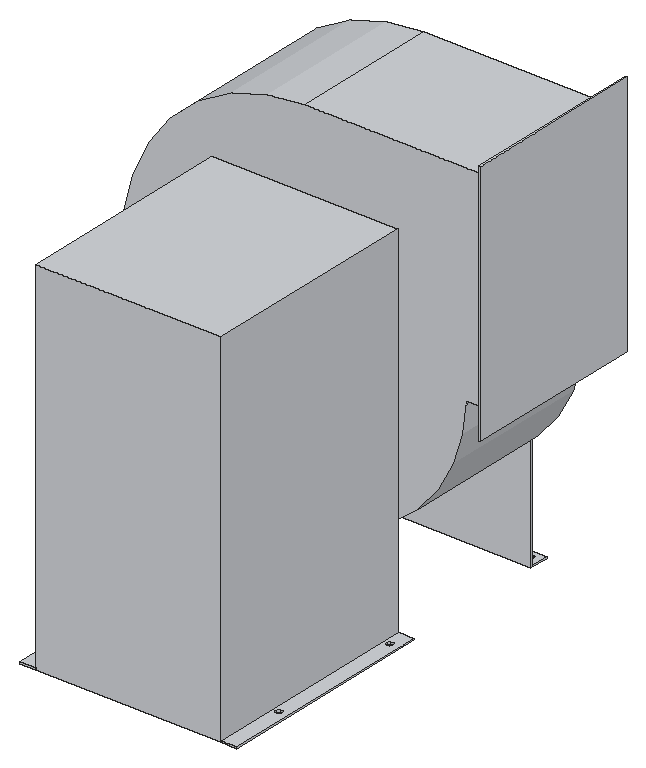
Revit family "CPS", category Mechanical Equipment, Revit 2019
Family settings
  Round Connector Dimension = Use Radius
  Part Type = Normal
  Work Plane-Based = No
  Always vertical = Yes
  Cut with Voids When Loaded = No
  Shared = No
  Room Calculation Point = No
Parameters (values of type "165-CPS_CLASS_1")
  Z = 7 3/16"
  Y = 8 5/8"
  X = 21 1/4"
  W+M = W + M  # 19 1/8"
  W+1.5+K+L = W + 1 1/2" + K + L  # 32 13/16"
  W+1.5 = W + 1 1/2"  # 5 1/2"
  W = 4"
  V = 8"
  Unit Weight [instance] = ""
  UNCHECK = not(CHECK)  # no
  UBD_CW [instance] = if(CW, (if(UBD, CHECK, UNCHECK)), UNCHECK)  # no
  UBD_CCW [instance] = if(CCW, (if(UBD, CHECK, UNCHECK)), UNCHECK)  # no
  UBD [instance] = no
  U-.125 = U - 1/8"  # 1 1/2"
  U = 1 5/8"
  THD_CW [instance] = if(CW, (if(THD, CHECK, UNCHECK)), UNCHECK)  # yes
  THD_CCW [instance] = if(CCW, (if(THD, CHECK, UNCHECK)), UNCHECK)  # no
  THD [instance] = yes
  TAU_CW [instance] = if(CW, (if(TAU, CHECK, UNCHECK)), UNCHECK)  # no
  TAU_CCW [instance] = if(CCW, (if(TAU, CHECK, UNCHECK)), UNCHECK)  # no
  TAU [instance] = no
  TAD_CW [instance] = if(CW, (if(TAD, CHECK, UNCHECK)), UNCHECK)  # no
  TAD_CCW [instance] = if(CCW, (if(TAD, CHECK, UNCHECK)), UNCHECK)  # no
  TAD [instance] = no
  T = 3/4"
  Stack Ht = 120" - (F + D)  # 83 3/16"
  Stack Extension CW [instance] = if(Stack Ht < 40", UNCHECK, if(and(CW, Stack Extension), CHECK, UNCHECK))  # no
  Stack Extension CCW [instance] = if(Stack Ht < 40", UNCHECK, if(and(CCW, Stack Extension), CHECK, UNCHECK))  # no
  Stack Extension [instance] = no
  Sones [instance] = ""
  S/2 = S / 2  # 9/32"
  S = 9/16"
  R = 1"
  Q = 3"
  P-U = P - U  # 38 1/4"
  P-D = P - D  # 19 7/16"
  P = 39 7/8"
  N = 14 7/16"
  Motor RPM [instance] = ""
  Motor Enclosure [instance] = ""
  ModelID [instance] = ""
  M = 15 1/8"
  LwA [instance] = ""
  L = 15 5/16"
  K = 12"
  J = 15 13/16"
  H = 31 7/16"
  G-V = G - V  # 1 3/8"
  G = 9 3/8"
  Fan RPM [instance] = ""
  F-.125 = F - 1/8"  # 16 1/4"
  F = 16 3/8"
  E-F = E - F  # 15 11/16"
  E = 32 1/16"
  DBD_CW [instance] = if(CW, (if(DBD, CHECK, UNCHECK)), UNCHECK)  # no
  DBD_CCW [instance] = if(CCW, (if(DBD, CHECK, UNCHECK)), UNCHECK)  # no
  DBD [instance] = no
  D = 20 7/16"
  CW [instance] = yes
  CLASS = 1"
  CHECK = yes
  CCW [instance] = not(CW)  # no
  C/8*7 = C / 8 * 2.5  # 6 159/256"
  C/8 = C / 6  # 3 17/32"
  C/2 = C / 2  # 10 19/32"
  C = 21 3/16"
  Brake Hp [instance] = ""
  BHD_CW [instance] = if(CW, (if(BHD, CHECK, UNCHECK)), UNCHECK)  # no
  BHD_CCW [instance] = if(CCW, (if(BHD, CHECK, UNCHECK)), UNCHECK)  # no
  BHD [instance] = no
  BAU_CW [instance] = if(CW, (if(BAU, CHECK, UNCHECK)), UNCHECK)  # no
  BAU_CCW [instance] = if(CCW, (if(BAU, CHECK, UNCHECK)), UNCHECK)  # no
  BAU [instance] = no
  BAD_CW [instance] = if(CW, (if(BAD, CHECK, UNCHECK)), UNCHECK)  # no
  BAD_CCW [instance] = if(CCW, (if(BAD, CHECK, UNCHECK)), UNCHECK)  # no
  BAD [instance] = no
  B = 18 1/16"
  Accessories [instance] = ""
  A+.25 = A + 1/4"  # 12 7/8"
  A = 12 5/8"
  CUT = 2"
  TB = 3"  # constant formula
  TA = 20"  # constant formula
  0 = 0"  # constant formula
  Voltage [instance] = 0 V
  URL = "www.lorencook.com"
  Type Comments = if(CLASS = 1", "Steel Flat Blade Centrifugal Blower Arrangement 10 Class 1", "Steel Flat Blade Centrifugal Blower Arrangement 10 Class 2")  # "Steel Flat Blade Centrifugal Blower Arrangement 10 Class 1"
  Static Pressure [instance] = 0.00 in-wg
  Power [instance] = Voltage * Motor FLA * sqrt(if(Phase = 3, 3, 1))  # 0 VA
  Phase [instance] = 0
  Number of Poles [instance] = 1
  Motor Hp [instance] = "0"
  Motor FLA [instance] = 0 A
  Model = if(CLASS = 1", "CPS_CLASS_1", "CPS_CLASS_2")  # "CPS_CLASS_1"
  Manufacturer = "Loren Cook Company"
  CFM [instance] = 0 CFM
  1.5 = 1 1/2"  # constant formula
  ONE EIGHTH = 1/8"  # constant formula
  -1.5 = -1 1/2"  # constant formula
  -.125 = -1/8"  # constant formula
  -(A+.25) = -(A + 1/4")  # -12 7/8"
  (C/2)-1.5 = (C / 2) - 1 1/2"  # 9 3/32"
  (C/2)-.25 = (C / 2) - 1/4"  # 10 11/32"
Reference planes (in)
  plane 1 "Center (Front/Back)": y = 0
  plane 2: z = 0
  plane 3 "Center (Left/Right)": x = 20.21007
  plane 4: z = 20.4375
  plane 5: z = 36.8125
  plane 6 "Stack Extension Bottom Flange": z = 36.9375
  plane 7 "Stack Extension Top Flange": z = 119.875
  plane 8 "Stack Extension Top": z = 120
  plane 9: x = 0.77257
  plane 10: x = 39.64757
Forms (in)
  Extrusion 1, solid
    sketch origin (0, 0, 0) x (1, 0, 0) y (0, 1, 0)
      loop
        line (12.21007, 0) -> (12.21007, -19.125) -> (28.21007, -19.125) -> (28.21007, 0) -> (12.21007, 0)
    from 0 to 31.4375 <- "H"
  Extrusion 2, solid
    sketch origin (0, 0, 0) x (1, 0, 0) y (0, 1, 0)
      loop
        line (12.21007, 0) -> (10.83507, 0) -> (10.83507, -19.125) -> (12.21007, -19.125) -> (12.21007, 0)
      loop
        line (28.21007, 0) -> (28.21007, -19.125) -> (29.58507, -19.125) -> (29.58507, 0) -> (28.21007, 0)
    from 0 to 0.125 <- "ONE EIGHTH"
  Extrusion 3, solid
    sketch origin (0, 0, 0) x (1, 0, 0) y (0, 1, 0)
      loop
        line (10.83507, 14.4375) -> (10.83507, 12.875) -> (29.58507, 12.875) -> (29.58507, 14.4375) -> (10.83507, 14.4375)
    from 0 to 0.125 <- "ONE EIGHTH"
  Extrusion 4, solid
    sketch origin (29.58507, 12.875, 0) x (-1, 0, 0) y (0, 0, -1)
      loop
        line (18.75, 0) -> (0, 0) -> (0, -20.4375) -> (18.75, -20.4375) -> (18.75, 0)
    from 0 to 0.125 <- "ONE EIGHTH"
  Extrusion 5, void
    sketch origin (29.58507, 12.875, 0) x (1, 0, 0) y (0, 0, -1)
      loop
        circle (-9.375, -20.4375) r 10.59375
    from -0.125 <- "-.125" to 0 <- "0"
  Extrusion 6, void
    sketch origin (0, 0, 0) x (1, 0, 0) y (0, 1, 0)
      loop
        circle (28.83507, -1.625) r 0.28125
      loop
        circle (28.83507, -13.625) r 0.28125
      loop
        circle (11.58507, -13.625) r 0.28125
      loop
        circle (11.58507, -1.625) r 0.28125
    from -12 to 12
  Extrusion 7, void
    sketch origin (0, 0, 0) x (1, 0, 0) y (0, 1, 0)
      loop
        circle (28.83507, 13.6875) r 0.28125
      loop
        circle (11.58507, 13.6875) r 0.28125
    from -0.125 <- "-.125" to 0.125 <- "ONE EIGHTH"
  Extrusion 8, solid
    sketch origin (29.58507, 12.75, 0) x (-1, 0, 0) y (0, 0, -1)
      loop
        circle (9.375, -20.4375) r 10.59375
      loop
        circle (9.375, -20.4375) r 10.34375
    from 0 to -1.5 <- "-1.5"
  Extrusion 9, solid, visible <- "Stack Extension CW"
    sketch origin (0, -13.10201, 36.9375) x (-1, 0, 0) y (0, -1, 0)
      loop
        line (-0.77257, -27.41451) -> (-0.77257, -11.60201) -> (-22.02257, -11.60201) -> (-22.02257, -27.41451) -> (-0.77257, -27.41451)
    from 0 to -0.125
  Extrusion 10, solid, visible <- "Stack Extension CW"
    sketch origin (0, 0, 120) x (-1, 0, 0) y (0, -1, 0)
      loop
        line (-22.02257, -14.3125) -> (-0.77257, -14.3125) -> (-0.77257, 1.5) -> (-22.02257, 1.5) -> (-22.02257, -14.3125)
    from 0 to -0.125
  Extrusion 11, solid, visible <- "Stack Extension CW"
    sketch origin (0, 0, 36.9375) x (-1, 0, 0) y (0, -1, 0)
      loop
        line (-2.39757, -0.125) -> (-20.46007, -0.125) -> (-20.46007, -12.75) -> (-2.39757, -12.75) -> (-2.39757, -0.125)
    from 82.9375 to 0
  Extrusion 12, solid, visible <- "Stack Extension CCW"
    sketch origin (0, 0, 36.9375) x (-1, 0, 0) y (0, -1, 0)
      loop
        line (-18.39757, -14.3125) -> (-18.39757, 1.5) -> (-39.64757, 1.5) -> (-39.64757, -14.3125) -> (-18.39757, -14.3125)
    from 0 to -0.125
  Extrusion 13, solid, visible <- "Stack Extension CCW"
    sketch origin (0, 0, 120) x (-1, 0, 0) y (0, -1, 0)
      loop
        line (-18.39757, -14.3125) -> (-18.39757, 1.5) -> (-39.64757, 1.5) -> (-39.64757, -14.3125) -> (-18.39757, -14.3125)
    from 0 to -0.125
  Extrusion 14, solid, visible <- "Stack Extension CCW"
    sketch origin (0, 0, 36.9375) x (-1, 0, 0) y (0, -1, 0)
      loop
        line (-19.96007, -12.75) -> (-19.96007, -0.125) -> (-38.02257, -0.125) -> (-38.02257, -12.75) -> (-19.96007, -12.75)
    from 82.9375 to 0
Cuts and joins
  Extrusion 5, Extrusion 7 cuts Extrusion 4
  Extrusion 6 cuts Extrusion 1
  Extrusion 6 cuts Extrusion 2
  Extrusion 7 cuts Extrusion 3
Lines and regions (in)
  reference lines, not visible
    curve 1: line (20.21007, 57, 20.4375) -> (20.21007, -58, 20.4375)
Dimensions and locks (in)
  "0": Extrusion 1 sketch curve to plane 1 "Center (Front/Back)"
  "W+M": plane 1 "Center (Front/Back)" to Extrusion 1 sketch curve
  "V": plane 3 "Center (Left/Right)" to Extrusion 1 sketch curve
  "V": Extrusion 1 sketch curve to plane 3 "Center (Left/Right)"
  "0": Extrusion 2 sketch curve to plane 1 "Center (Front/Back)"  (x2)
  "0": Extrusion 1 to Extrusion 2 sketch curve  (x2)
  "0": Extrusion 2 sketch curve to Extrusion 1  (x2)
  "G-V": Extrusion 2 sketch curve to Extrusion 2 sketch curve  (x2)
  "N": plane 1 "Center (Front/Back)" to Extrusion 3 sketch curve
  "A+.25": Extrusion 3 sketch curve to plane 1 "Center (Front/Back)"
  "0": Extrusion 2 to Extrusion 3 sketch curve  (x2)
  "0": Extrusion 1 to Extrusion 4 sketch curve
  "D": Extrusion 4 sketch curve to Extrusion 4 sketch curve
  "0": Extrusion 4 sketch curve to Extrusion 2  (x2)
  "D": Extrusion 1 to Extrusion 5 sketch curve
  "V": Extrusion 1 to Extrusion 5 sketch curve
  "Y": plane 3 "Center (Left/Right)" to Extrusion 6 sketch curve  (x2)
  "Y": Extrusion 6 sketch curve to plane 3 "Center (Left/Right)"  (x2)
  "W+1.5": Extrusion 1 to Extrusion 6 sketch curve  (x2)
  "K": Extrusion 6 sketch curve to Extrusion 6 sketch curve  (x2)
  "W+1.5+K+L": cut or joined group of Extrusion 1, Extrusion 6 to Extrusion 7 sketch curve  (x2)
  "V": cut or joined group of Extrusion 1, Extrusion 6 to Extrusion 8 sketch curve  (x2)
  "D": Extrusion 8 sketch curve to cut or joined group of Extrusion 1, Extrusion 6  (x2)
  "T": Extrusion 7 sketch curve to cut or joined group of Extrusion 3, Extrusion 7
  "T": cut or joined group of Extrusion 3, Extrusion 7 to Extrusion 7 sketch curve
  "D": plane 4 to level
  "ONE EIGHTH": plane 6 "Stack Extension Bottom Flange" to plane 5
  "ONE EIGHTH": plane 8 "Stack Extension Top" to plane 7 "Stack Extension Top Flange"
  "Stack Ht": plane 8 "Stack Extension Top" to plane 5
  "X": Extrusion 9 sketch curve to Extrusion 9 sketch curve
  "J": Extrusion 9 sketch curve to Extrusion 9 sketch curve
  "B": Extrusion 11 sketch curve to Extrusion 11 sketch curve
  "A": Extrusion 11 sketch curve to Extrusion 11 sketch curve
  "ONE EIGHTH": plane 1 "Center (Front/Back)" to Extrusion 11 sketch curve
  equal spacing: plane 10, plane 3 "Center (Left/Right)", plane 9
  "P-D": plane 3 "Center (Left/Right)" to plane 9
  "U": plane 9 to Extrusion 11 sketch curve
  "U-.125": Extrusion 10 to plane 1 "Center (Front/Back)"
  plane 8 "Stack Extension Top" to level = 120"
  "J": Extrusion 12 sketch curve to Extrusion 12 sketch curve
  "X": Extrusion 12 sketch curve to Extrusion 12 sketch curve
  "U-.125": plane 1 "Center (Front/Back)" to Extrusion 12 sketch curve
  "J": Extrusion 13 sketch curve to Extrusion 13 sketch curve
  "X": Extrusion 13 sketch curve to Extrusion 13 sketch curve
  "U-.125": plane 1 "Center (Front/Back)" to Extrusion 13 sketch curve
  "B": Extrusion 14 sketch curve to Extrusion 14 sketch curve
  "A": Extrusion 14 sketch curve to Extrusion 14 sketch curve
  "ONE EIGHTH": plane 1 "Center (Front/Back)" to Extrusion 14 sketch curve
  "U": Extrusion 14 sketch curve to plane 10
  "C/2": radius of Extrusion 5 sketch curve
  "S/2": radius of Extrusion 6 sketch curve  (x4)
  "S/2": radius of Extrusion 7 sketch curve  (x2)
  "C/2": radius of Extrusion 8 sketch curve
  "(C/2)-.25": radius of Extrusion 8 sketch curve
  aligned and locked: plane 1 "Center (Front/Back)" to nested 1
  aligned and locked: curve 1 to plane 4
  aligned and locked: plane 3 "Center (Left/Right)" to nested 8
  aligned and locked: nested 8 to plane 4
  aligned and locked: plane 3 "Center (Left/Right)" to nested 3
  aligned and locked: nested 3 to nested 8
  aligned and locked: nested 8 to nested 7
  aligned and locked: nested 7 to plane 3 "Center (Left/Right)"
  aligned and locked: nested 5 to nested 8
  aligned and locked: nested 5 to plane 3 "Center (Left/Right)"
  aligned and locked: nested 1 to nested 8
  aligned and locked: nested 1 to nested 7
  aligned and locked: nested 2 to nested 1
  aligned and locked: nested 2 to nested 3
  aligned and locked: nested 2 to nested 5
  aligned and locked: nested 4 to nested 2
  aligned and locked: nested 6 to nested 1
  aligned and locked: plane 1 "Center (Front/Back)" to nested 12
  aligned and locked: plane 1 "Center (Front/Back)" to nested 11
  aligned and locked: plane 1 "Center (Front/Back)" to nested 10
  aligned and locked: plane 1 "Center (Front/Back)" to nested 16
  aligned and locked: plane 1 "Center (Front/Back)" to nested 15
  aligned and locked: plane 1 "Center (Front/Back)" to nested 9
  aligned and locked: plane 1 "Center (Front/Back)" to nested 14
  aligned and locked: plane 1 "Center (Front/Back)" to nested 13
  aligned and locked: nested 12 to plane 4
  aligned and locked: plane 3 "Center (Left/Right)" to nested 12
  aligned and locked: nested 12 to nested 13
  aligned and locked: nested 13 to plane 3 "Center (Left/Right)"
  aligned and locked: nested 16 to nested 12
  aligned and locked: plane 3 "Center (Left/Right)" to nested 16
  aligned and locked: nested 9 to nested 12
  aligned and locked: nested 9 to plane 3 "Center (Left/Right)"
  aligned and locked: nested 15 to curve 1  (x2)
  aligned and locked: nested 1 to curve 1  (x2)
  aligned and locked: nested 2 to curve 1  (x2)
  aligned and locked: nested 4 to curve 1  (x2)
  aligned and locked: nested 6 to curve 1  (x2)
  aligned and locked: nested 14 to curve 1  (x2)
  aligned and locked: nested 10 to curve 1  (x2)
  aligned and locked: nested 11 to curve 1  (x2)
  aligned and locked: Extrusion 9 to plane 5
  aligned and locked: plane 6 "Stack Extension Bottom Flange" to Extrusion 9
  aligned and locked: Extrusion 10 sketch curve to Extrusion 9  (x4)
  aligned and locked: plane 8 "Stack Extension Top" to Extrusion 10
  aligned and locked: plane 7 "Stack Extension Top Flange" to Extrusion 11
  aligned and locked: Extrusion 11 to plane 6 "Stack Extension Bottom Flange"
  aligned and locked: plane 9 to Extrusion 9 sketch curve
  aligned and locked: Extrusion 12 sketch curve to plane 10
  aligned and locked: Extrusion 12 to plane 5
  aligned and locked: Extrusion 12 to plane 6 "Stack Extension Bottom Flange"
  aligned and locked: Extrusion 13 sketch curve to plane 10
  aligned and locked: Extrusion 13 to plane 7 "Stack Extension Top Flange"
  aligned and locked: Extrusion 13 to plane 8 "Stack Extension Top"
  aligned and locked: plane 7 "Stack Extension Top Flange" to Extrusion 14
Automatic sketch dimensions
  plane 1 "Center (Front/Back)" to curve 1 = 58"
  curve 1 to plane 1 "Center (Front/Back)" = 57"
  Extrusion 9 sketch curve to plane 1 "Center (Front/Back)" = 14 5/16"
Nested families (in)
  nested 1: "CP_Scroll_Housing" at (5.4719, 0, 6.27267) x (0.7071, 0, -0.7071) z (0.7071, 0, 0.7071), visible <- "TAD_CW", type "Scroll"
    with Voltage 0 V, Unit Weight "", Static Pressure 0.00 in-wg, Sones "", Power 0 VA, Phase 0, Number of Poles 1, Motor RPM "", Motor Hp "0", Motor FLA 0 A, Motor Enclosure "", ModelID "", LwA "", Fan RPM "", CFM 0 CFM, Brake Hp "", Accessories ""
  nested 2: "CP_Scroll_Housing" at (34.37489, 0, 5.69934) x (0.7071, 0, 0.7071) z (-0.7071, 0, 0.7071), visible <- "TAU_CW", type "Scroll"
    with Voltage 0 V, Unit Weight "", Static Pressure 0.00 in-wg, Sones "", Power 0 VA, Phase 0, Number of Poles 1, Motor RPM "", Motor Hp "0", Motor FLA 0 A, Motor Enclosure "", ModelID "", LwA "", Fan RPM "", CFM 0 CFM, Brake Hp "", Accessories ""
  nested 3: "CP_Scroll_Housing" at (40.64757, 0, 20.03209) x (0, 0, 1) z (-1, 0, 0), visible <- "UBD_CW", type "Scroll"
    with Voltage 0 V, Unit Weight "", Static Pressure 0.00 in-wg, Sones "", Power 0 VA, Phase 0, Number of Poles 1, Motor RPM "", Motor Hp "0", Motor FLA 0 A, Motor Enclosure "", ModelID "", LwA "", Fan RPM "", CFM 0 CFM, Brake Hp "", Accessories ""
  nested 4: "CP_Scroll_Housing" at (34.94823, 0, 34.60233) x (-0.7071, 0, 0.7071) z (-0.7071, 0, -0.7071), visible <- "BAU_CW", type "Scroll"
    with Voltage 0 V, Unit Weight "", Static Pressure 0.00 in-wg, Sones "", Power 0 VA, Phase 0, Number of Poles 1, Motor RPM "", Motor Hp "0", Motor FLA 0 A, Motor Enclosure "", ModelID "", LwA "", Fan RPM "", CFM 0 CFM, Brake Hp "", Accessories ""
  nested 5: "CP_Scroll_Housing" at (20.61548, 0, 40.875) x (-1, 0, 0) z (0, 0, -1), visible <- "BHD_CW", type "Scroll"
    with Voltage 0 V, Unit Weight "", Static Pressure 0.00 in-wg, Sones "", Power 0 VA, Phase 0, Number of Poles 1, Motor RPM "", Motor Hp "0", Motor FLA 0 A, Motor Enclosure "", ModelID "", LwA "", Fan RPM "", CFM 0 CFM, Brake Hp "", Accessories ""
  nested 6: "CP_Scroll_Housing" at (6.04524, 0, 35.17566) x (-0.7071, 0, -0.7071) z (0.7071, 0, -0.7071), visible <- "BAD_CW", type "Scroll"
    with Voltage 0 V, Unit Weight "", Static Pressure 0.00 in-wg, Sones "", Power 0 VA, Phase 0, Number of Poles 1, Motor RPM "", Motor Hp "0", Motor FLA 0 A, Motor Enclosure "", ModelID "", LwA "", Fan RPM "", CFM 0 CFM, Brake Hp "", Accessories ""
  nested 7: "CP_Scroll_Housing" at (-0.22743, 0, 20.84291) x (0, 0, -1) z (1, 0, 0), visible <- "DBD_CW", type "Scroll"
    with Voltage 0 V, Unit Weight "", Static Pressure 0.00 in-wg, Sones "", Power 0 VA, Phase 0, Number of Poles 1, Motor RPM "", Motor Hp "0", Motor FLA 0 A, Motor Enclosure "", ModelID "", LwA "", Fan RPM "", CFM 0 CFM, Brake Hp "", Accessories ""
  nested 8: "CP_Scroll_Housing" at (19.80466, 0, 0), visible <- "THD_CW", type "Scroll"
    with Voltage 0 V, Unit Weight "", Static Pressure 0.00 in-wg, Sones "", Power 0 VA, Phase 0, Number of Poles 1, Motor RPM "", Motor Hp "0", Motor FLA 0 A, Motor Enclosure "", ModelID "", LwA "", Fan RPM "", CFM 0 CFM, Brake Hp "", Accessories ""
  nested 9: "CP_Scroll_Housing" at (-0.22743, 12.875, 20.03209) x (0, 0, 1) z (1, 0, 0), visible <- "UBD_CCW", type "Scroll"
    with Voltage 0 V, Unit Weight "", Static Pressure 0.00 in-wg, Sones "", Power 0 VA, Phase 0, Number of Poles 1, Motor RPM "", Motor Hp "0", Motor FLA 0 A, Motor Enclosure "", ModelID "", LwA "", Fan RPM "", CFM 0 CFM, Brake Hp "", Accessories ""
  nested 10: "CP_Scroll_Housing" at (34.37489, 12.875, 35.17566) x (0.7071, 0, -0.7071) z (-0.7071, 0, -0.7071), visible <- "BAD_CCW", type "Scroll"
    with Voltage 0 V, Unit Weight "", Static Pressure 0.00 in-wg, Sones "", Power 0 VA, Phase 0, Number of Poles 1, Motor RPM "", Motor Hp "0", Motor FLA 0 A, Motor Enclosure "", ModelID "", LwA "", Fan RPM "", CFM 0 CFM, Brake Hp "", Accessories ""
  nested 11: "CP_Scroll_Housing" at (34.94823, 12.875, 6.27267) x (-0.7071, 0, -0.7071) z (-0.7071, 0, 0.7071), visible <- "TAD_CCW", type "Scroll"
    with Voltage 0 V, Unit Weight "", Static Pressure 0.00 in-wg, Sones "", Power 0 VA, Phase 0, Number of Poles 1, Motor RPM "", Motor Hp "0", Motor FLA 0 A, Motor Enclosure "", ModelID "", LwA "", Fan RPM "", CFM 0 CFM, Brake Hp "", Accessories ""
  nested 12: "CP_Scroll_Housing" at (40.64757, 12.875, 20.84291) x (0, 0, -1) z (-1, 0, 0), visible <- "DBD_CCW", type "Scroll"
    with Voltage 0 V, Unit Weight "", Static Pressure 0.00 in-wg, Sones "", Power 0 VA, Phase 0, Number of Poles 1, Motor RPM "", Motor Hp "0", Motor FLA 0 A, Motor Enclosure "", ModelID "", LwA "", Fan RPM "", CFM 0 CFM, Brake Hp "", Accessories ""
  nested 13: "CP_Scroll_Housing" at (20.61548, 12.875, 0) x (-1, 0, 0) z (0, 0, 1), visible <- "THD_CCW", type "Scroll"
    with Voltage 0 V, Unit Weight "", Static Pressure 0.00 in-wg, Sones "", Power 0 VA, Phase 0, Number of Poles 1, Motor RPM "", Motor Hp "0", Motor FLA 0 A, Motor Enclosure "", ModelID "", LwA "", Fan RPM "", CFM 0 CFM, Brake Hp "", Accessories ""
  nested 14: "CP_Scroll_Housing" at (6.04524, 12.875, 5.69934) x (-0.7071, 0, 0.7071) z (0.7071, 0, 0.7071), visible <- "TAU_CCW", type "Scroll"
    with Voltage 0 V, Unit Weight "", Static Pressure 0.00 in-wg, Sones "", Power 0 VA, Phase 0, Number of Poles 1, Motor RPM "", Motor Hp "0", Motor FLA 0 A, Motor Enclosure "", ModelID "", LwA "", Fan RPM "", CFM 0 CFM, Brake Hp "", Accessories ""
  nested 15: "CP_Scroll_Housing" at (5.4719, 12.875, 34.60233) x (0.7071, 0, 0.7071) z (0.7071, 0, -0.7071), visible <- "BAU_CCW", type "Scroll"
    with Voltage 0 V, Unit Weight "", Static Pressure 0.00 in-wg, Sones "", Power 0 VA, Phase 0, Number of Poles 1, Motor RPM "", Motor Hp "0", Motor FLA 0 A, Motor Enclosure "", ModelID "", LwA "", Fan RPM "", CFM 0 CFM, Brake Hp "", Accessories ""
  nested 16: "CP_Scroll_Housing" at (19.80466, 12.875, 40.875) x (1, 0, 0) z (0, 0, -1), visible <- "BHD_CCW", type "Scroll"
    with Voltage 0 V, Unit Weight "", Static Pressure 0.00 in-wg, Sones "", Power 0 VA, Phase 0, Number of Poles 1, Motor RPM "", Motor Hp "0", Motor FLA 0 A, Motor Enclosure "", ModelID "", LwA "", Fan RPM "", CFM 0 CFM, Brake Hp "", Accessories ""
Connectors (in)
  electrical at (12.21007, -9.5625, 15.71875)
    settings: on cut or joined group of Extrusion 1, Extrusion 6, index 3, voltage 0 V, apparent load 0 VA, apparent load phase1 0 VA, apparent load phase2 0 VA, apparent load phase3 0 VA, power factor 1, load classification "Other", number of poles 1, system type 30, power factor state 1, is connector primary yes, connector utility no, sub classification motor no, connector description ""
  hvac at (36.58507, 6.40625, 29.21875), driven by "CFM", driven by "B", driven by "A"
    settings: on nested 8, index 4, duct flow 0 CFM, flow factor 0, pres drop 0.00 in-wg, loss coef 0, conn angle 0.00°, conn width 12 5/8", conn height 18 1/16", conn diameter 24", duct sys type 29, conn prof type 1, flow config 0, flow direction 2, loss method 0, conn ref index -1, conn util no, is conn primary yes, conn desc ""
  hvac at (25.49127, 6.40625, 38.13727), driven by "CFM", driven by "A", driven by "B"
    settings: on nested 2, index 5, duct flow 0 CFM, flow factor 0, pres drop 0.00 in-wg, loss coef 0, conn angle 0.00°, conn width 18 1/16", conn height 12 5/8", conn diameter 24", duct sys type 29, conn prof type 1, flow config 0, flow direction 2, loss method 0, conn ref index -1, conn util no, is conn primary no, conn desc ""
  hvac at (11.42882, 6.40625, 36.6875), driven by "CFM", driven by "A", driven by "B"
    settings: on nested 3, index 6, duct flow 0 CFM, flow factor 0, pres drop 0.00 in-wg, loss coef 0, conn angle 0.00°, conn width 18 1/16", conn height 12 5/8", conn diameter 24", duct sys type 29, conn prof type 1, flow config 0, flow direction 2, loss method 0, conn ref index -1, conn util no, is conn primary no, conn desc ""
  hvac at (2.42191, 6.40625, 25.80709), driven by "CFM", driven by "A", driven by "B"
    settings: on nested 4, index 7, duct flow 0 CFM, flow factor 0, pres drop 0.00 in-wg, loss coef 0, conn angle 0.00°, conn width 18 1/16", conn height 12 5/8", conn diameter 24", duct sys type 29, conn prof type 1, flow config 0, flow direction 2, loss method 0, conn ref index -1, conn util no, is conn primary no, conn desc ""
  hvac at (3.96007, 6.40625, 11.65625), driven by "CFM", driven by "B", driven by "A"
    settings: on nested 5, index 8, duct flow 0 CFM, flow factor 0, pres drop 0.00 in-wg, loss coef 0, conn angle 0.00°, conn width 12 5/8", conn height 18 1/16", conn diameter 24", duct sys type 29, conn prof type 1, flow config 0, flow direction 2, loss method 0, conn ref index -1, conn util no, is conn primary no, conn desc ""
  hvac at (28.99132, 6.40625, 4.1875), driven by "CFM", driven by "A", driven by "B"
    settings: on nested 7, index 9, duct flow 0 CFM, flow factor 0, pres drop 0.00 in-wg, loss coef 0, conn angle 0.00°, conn width 18 1/16", conn height 12 5/8", conn diameter 24", duct sys type 29, conn prof type 1, flow config 0, flow direction 2, loss method 0, conn ref index -1, conn util no, is conn primary no, conn desc ""
  hvac at (37.90983, 6.40625, 15.1563), driven by "CFM", driven by "A", driven by "B"
    settings: on nested 1, index 10, duct flow 0 CFM, flow factor 0, pres drop 0.00 in-wg, loss coef 0, conn angle 0.00°, conn width 18 1/16", conn height 12 5/8", conn diameter 24", duct sys type 29, conn prof type 1, flow config 0, flow direction 2, loss method 0, conn ref index -1, conn util no, is conn primary no, conn desc ""
  hvac at (14.84048, 6.40625, 2.64935), driven by "CFM", driven by "A", driven by "B"
    settings: on nested 6, index 11, duct flow 0 CFM, flow factor 0, pres drop 0.00 in-wg, loss coef 0, conn angle 0.00°, conn width 18 1/16", conn height 12 5/8", conn diameter 24", duct sys type 29, conn prof type 1, flow config 0, flow direction 2, loss method 0, conn ref index -1, conn util no, is conn primary no, conn desc ""
  hvac at (3.83507, 6.46875, 29.21875), driven by "CFM", driven by "B", driven by "A"
    settings: on nested 13, index 12, duct flow 0 CFM, flow factor 0, pres drop 0.00 in-wg, loss coef 0, conn angle 0.00°, conn width 12 5/8", conn height 18 1/16", conn diameter 24", duct sys type 29, conn prof type 1, flow config 0, flow direction 2, loss method 0, conn ref index -1, conn util no, is conn primary no, conn desc ""
  hvac at (2.42191, 6.46875, 15.06791), driven by "CFM", driven by "A", driven by "B"
    settings: on nested 11, index 13, duct flow 0 CFM, flow factor 0, pres drop 0.00 in-wg, loss coef 0, conn angle 0.00°, conn width 18 1/16", conn height 12 5/8", conn diameter 24", duct sys type 29, conn prof type 1, flow config 0, flow direction 2, loss method 0, conn ref index -1, conn util no, is conn primary no, conn desc ""
  hvac at (11.42882, 6.46875, 4.0625), driven by "CFM", driven by "A", driven by "B"
    settings: on nested 12, index 14, duct flow 0 CFM, flow factor 0, pres drop 0.00 in-wg, loss coef 0, conn angle 0.00°, conn width 18 1/16", conn height 12 5/8", conn diameter 24", duct sys type 29, conn prof type 1, flow config 0, flow direction 2, loss method 0, conn ref index -1, conn util no, is conn primary no, conn desc ""
  hvac at (25.57966, 6.46875, 2.64935), driven by "CFM", driven by "A", driven by "B"
    settings: on nested 10, index 15, duct flow 0 CFM, flow factor 0, pres drop 0.00 in-wg, loss coef 0, conn angle 0.00°, conn width 18 1/16", conn height 12 5/8", conn diameter 24", duct sys type 29, conn prof type 1, flow config 0, flow direction 2, loss method 0, conn ref index -1, conn util no, is conn primary no, conn desc ""
  hvac at (36.46007, 6.46875, 11.65625), driven by "CFM", driven by "B", driven by "A"
    settings: on nested 16, index 16, duct flow 0 CFM, flow factor 0, pres drop 0.00 in-wg, loss coef 0, conn angle 0.00°, conn width 12 5/8", conn height 18 1/16", conn diameter 24", duct sys type 29, conn prof type 1, flow config 0, flow direction 2, loss method 0, conn ref index -1, conn util no, is conn primary no, conn desc ""
  hvac at (37.99822, 6.46875, 25.80709), driven by "CFM", driven by "A", driven by "B"
    settings: on nested 15, index 17, duct flow 0 CFM, flow factor 0, pres drop 0.00 in-wg, loss coef 0, conn angle 0.00°, conn width 18 1/16", conn height 12 5/8", conn diameter 24", duct sys type 29, conn prof type 1, flow config 0, flow direction 2, loss method 0, conn ref index -1, conn util no, is conn primary no, conn desc ""
  hvac at (28.99132, 6.46875, 36.8125), driven by "CFM", driven by "A", driven by "B"
    settings: on nested 9, index 18, duct flow 0 CFM, flow factor 0, pres drop 0.00 in-wg, loss coef 0, conn angle 0.00°, conn width 18 1/16", conn height 12 5/8", conn diameter 24", duct sys type 29, conn prof type 1, flow config 0, flow direction 2, loss method 0, conn ref index -1, conn util no, is conn primary no, conn desc ""
  hvac at (14.84048, 6.46875, 38.22565), driven by "CFM", driven by "A", driven by "B"
    settings: on nested 14, index 19, duct flow 0 CFM, flow factor 0, pres drop 0.00 in-wg, loss coef 0, conn angle 0.00°, conn width 18 1/16", conn height 12 5/8", conn diameter 24", duct sys type 29, conn prof type 1, flow config 0, flow direction 2, loss method 0, conn ref index -1, conn util no, is conn primary no, conn desc ""
  hvac at (20.21007, 14.25, 20.4375), driven by "CFM", driven by "C/2"
    settings: on Extrusion 8, index 20, duct flow 0 CFM, flow factor 0, pres drop 0.00 in-wg, loss coef 0, conn angle 0.00°, conn width 12", conn height 12", conn diameter 21 3/16", duct sys type 29, conn prof type 0, flow config 0, flow direction 1, loss method 0, conn ref index -1, conn util no, is conn primary no, conn desc ""
Definition of nested family "CP_Scroll_Housing"
  Parameters (values of type "Scroll")
    Z = 15 1/16"
    Y = 16 13/16"
    X = 44 3/16"
    W+M = W + M  # 35 1/4"
    W+1.5+K+L = W + 1 1/2" + K + L  # 64 7/16"
    W+1.5 = W + 1 1/2"  # 7 1/2"
    W = 6"
    V = 16"
    Unit Weight [instance] = ""
    U-.125 = U - 1/8"  # 2"
    U = 2 1/8"
    T = 1"
    Sones [instance] = ""
    S/2 = S / 2  # 13/32"
    S = 13/16"
    R = 2 7/16"
    Q = 5"
    P-U = P - U  # 82 3/8"
    P = 84 1/2"
    N = 30 1/4"
    Motor RPM [instance] = ""
    Motor Enclosure [instance] = ""
    ModelID [instance] = ""
    M = 29 1/4"
    LwA [instance] = ""
    L = 30 15/16"
    K = 26"
    J = 32 1/8"
    H = 64 1/4"
    G-V = G - V  # 1 13/16"
    G = 17 13/16"
    Fan RPM [instance] = ""
    F-.125 = F - 1/8"  # 31 5/16"
    F = 31 7/16"
    E-F = E - F  # 34 11/16"
    E = 66 1/8"
    D = 42 3/4"
    CLASS = 24"
    C/8*7 = C / 8 * 2.5  # 12 243/256"
    C/8 = C / 6  # 6 29/32"
    C/2 = C / 2  # 20 23/32"
    C = 41 7/16"
    Brake Hp [instance] = ""
    B = 39 15/16"
    Accessories [instance] = ""
    A+.25 = A + 1/4"  # 28 1/8"
    A = 27 7/8"
    CUT = 3"
    1'8" = 20"  # constant formula
    0 = 0"  # constant formula
    Voltage [instance] = 0 V
    URL = "www.lorencook.com"
    Type Comments = if(CLASS = 12", "Aluminum Flat Blade Centrifugal Blower Clockwise Top Horizontal Arrangement 10 Class 1", "Aluminum Flat Blade Centrifugal Blower Clockwise Top Horizontal Arrangement 10 Class 2")  # "Aluminum Flat Blade Centrifugal Blower Clockwise Top Horizontal Arrangement 10 Class 2"
    Static Pressure [instance] = 0.00 in-wg
    Power [instance] = Voltage * Motor FLA * sqrt(if(Phase = 3, 3, 1))  # 0 VA
    Phase [instance] = 0
    Number of Poles [instance] = 1
    Motor Hp [instance] = "0"
    Motor FLA [instance] = 0 A
    Model = if(CLASS = 12", "CPA_CW_THD_CLASS_1", "CPA_CW_THD_CLASS_2")  # "CPA_CW_THD_CLASS_2"
    Manufacturer = "Loren Cook Company"
    CFM [instance] = 0 CFM
    1.5 = 1 1/2"  # constant formula
    ONE EIGTH = 1/8"  # constant formula
    -1.5 = -1 1/2"  # constant formula
    -.125 = -1/8"  # constant formula
    -(A+.25) = -(A + 1/4")  # -28 1/8"
    (E-F)90 = (E - F) * 0.9  # 31 7/32"
    (C/2)-1.5 = (C / 2) - 1 1/2"  # 19 7/32"
    (C/2)-.25 = (C / 2) - 1/4"  # 20 15/32"
  Reference planes (in)
    plane 1 "Center (Front/Back)": y = 0
    plane 2: z = 0
    plane 3 "Center (Left/Right)": x = 0.40541
    plane 4: z = 11.53125
    plane 5: z = 42.75
    plane 6: through (-5.95855, -180, 36.38604) normal (-0.7071, 0, 0.7071)
    plane 7: through (11.18879, -180, 31.96662) normal (-0.7071, 0, -0.7071)
  Forms (in)
    Extrusion 1, void
      sketch origin (9.78041, 7.8125, 0) x (1, 0, 0) y (0, 0, -1)
        loop
          circle (-9.375, -42.75) r 20.71875
      from -0.125 <- "-.125" to 0 <- "0"
    Extrusion 2, solid
      sketch origin (0, 0, 0) x (1, 0, 0) y (0, 0, 1)
        loop
          line (31.84291, 42.4375) -> (31.84291, 82.375) -> (-34.28209, 82.375) -> (-34.28209, 11.53125) -> (31.34291, 11.53125) -> (31.34291, 42.4375) -> (31.84291, 42.4375)
      from 0 to -28.125 <- "-(A+.25)"
    Extrusion 3, solid
      sketch origin (31.84291, 0, 42.4375) x (0, 0, 1) y (0, -1, 0)
        loop
          line (42.0625, -30.125) -> (42.0625, 2) -> (-2.125, 2) -> (-2.125, -30.125) -> (42.0625, -30.125)
      from 0 to -0.125
    Extrusion 4, void
      sketch origin (0, 0, 0) x (-1, 0, 0) y (0, 0, 1)
        loop
          arc (-0.40541, 11.53125) -> (-21.60982, 20.70356) -> (-29.44523, 42.4375) r 29.09618
          line (-29.44523, 42.4375) -> (-31.71791, 42.4375) -> (-31.71791, 8.28125) -> (34.28209, 8.28125) -> (34.28209, 11.53125) -> (-0.40541, 11.53125)
      from 0 to 28.125 <- "A+.25"
    Extrusion 5, void
      sketch origin (0, 0, 0) x (-1, 0, 0) y (0, 0, 1)
        loop
          arc (34.28209, 42.75) -> (23.94818, 19.35191) -> (-0.40541, 11.53125) r 31.21875
          line (-0.40541, 11.53125) -> (-0.40541, 10.075) -> (36.53209, 10.075) -> (36.53209, 42.75) -> (34.28209, 42.75)
      from 0 to 28.125 <- "A+.25"
    Extrusion 6, void
      sketch origin (0, 0, 0) x (-1, 0, 0) y (0, 0, 1)
        loop
          arc (-0.40541, 82.375) -> (25.92179, 70.42656) -> (34.28209, 42.75) r 35.00581
          line (34.28209, 42.75) -> (41.71959, 42.75) -> (41.71959, 88.375) -> (-0.40541, 88.375) -> (-0.40541, 82.375)
      from 0 to 28.125 <- "A+.25"
  Cuts and joins
    Extrusion 4, Extrusion 5, Extrusion 6 cuts Extrusion 2
    Extrusion 4 cuts Extrusion 3
  Lines and regions (in)
    model lines, not visible
      curve 1: line (0.40541, 38.125, 42.75) -> (0.40541, -13.875, 42.75)
      curve 2: line (0.40541, 0, 42.75) -> (7.2997, 0, 49.64429)
      curve 3: line (0.40541, 0, 42.75) -> (3.94095, 0, 39.21447)
  Dimensions and locks (in)
    "P-U": Extrusion 2 sketch curve to level
    "B": Extrusion 2 sketch curve to Extrusion 2 sketch curve
    "F": Extrusion 2 sketch curve to plane 3 "Center (Left/Right)"
    "J": Extrusion 3 sketch curve to Extrusion 3 sketch curve
    "U": cut or joined group of Extrusion 2, Extrusion 4, Extrusion 5, Extrusion 6 to Extrusion 3 sketch curve
    "U-.125": Extrusion 3 sketch curve to cut or joined group of Extrusion 2, Extrusion 4, Extrusion 5, Extrusion 6
    "D": Extrusion 1 sketch curve to level
    "E-F": Extrusion 2 sketch curve to plane 3 "Center (Left/Right)"
    "D": plane 5 to plane 2
    "(E-F)90": plane 5 to plane 4
    locked: Extrusion 2 sketch curve to Extrusion 2 sketch curve at 0.5
    locked: Extrusion 4 sketch curve to Extrusion 4 sketch curve at 2.27268
    locked: Extrusion 6 sketch curve to plane 3 "Center (Left/Right)" at 0.01221
    "U": Extrusion 3 sketch curve to cut or joined group of Extrusion 2, Extrusion 4, Extrusion 5, Extrusion 6
    locked: plane 5 to curve 3 at 0
    locked: curve 3 to plane 3 "Center (Left/Right)" at 0
    curve 2 to plane 3 "Center (Left/Right)" = 0"
    curve 2 to plane 5 = 0"
    "C/2": radius of Extrusion 1 sketch curve
    "(E-F)90": radius of Extrusion 5 sketch curve
    locked: curve 2 to plane 3 "Center (Left/Right)" (angle 45.00°)
    locked: plane 3 "Center (Left/Right)" to curve 3 (angle 45.00°)
    aligned and locked: plane 3 "Center (Left/Right)" to Extrusion 4 sketch curve
    aligned and locked: Extrusion 4 sketch curve to cut or joined group of Extrusion 2, Extrusion 4, Extrusion 5, Extrusion 6  (x2)
    aligned and locked: cut or joined group of Extrusion 2, Extrusion 4, Extrusion 5, Extrusion 6 to Extrusion 4 sketch curve
    aligned and locked: Extrusion 4 sketch curve to Extrusion 3
    aligned and locked: cut or joined group of Extrusion 2, Extrusion 4, Extrusion 5, Extrusion 6 to Extrusion 5 sketch curve  (x2)
    aligned and locked: plane 5 to Extrusion 5 sketch curve
    aligned and locked: plane 3 "Center (Left/Right)" to Extrusion 5 sketch curve
    aligned and locked: cut or joined group of Extrusion 2, Extrusion 4, Extrusion 5, Extrusion 6 to Extrusion 6 sketch curve  (x2)
    aligned and locked: plane 3 "Center (Left/Right)" to Extrusion 6 sketch curve
    aligned and locked: Extrusion 6 sketch curve to plane 5
    aligned and locked: plane 5 to curve 1
  Automatic sketch dimensions
    Extrusion 1 sketch curve to plane 3 "Center (Left/Right)" = 0"
    Extrusion 2 sketch curve to plane 4 = 0"
    Extrusion 4 sketch curve to Extrusion 2 = 3 1/4"
    Extrusion 5 sketch curve to Extrusion 5 sketch curve = 2 1/4"
    Extrusion 5 sketch curve to Extrusion 2 = 1.45625"
    Extrusion 6 sketch curve to Extrusion 2 = 7 7/16"
    Extrusion 6 sketch curve to Extrusion 2 = 6"
    plane 1 "Center (Front/Back)" to curve 1 = 13 7/8"
    curve 1 to plane 1 "Center (Front/Back)" = 38 1/8"
Types (34): name | Z | Y | X | W+M | W+1.5+K+L | W+1.5 | W | V | U-.125 | U | T | Stack Ht | Stack Extension CW | Stack Extension | S/2 | S | R | Q | P-U | P-D | P | N | M | L | K | J | H | G-V | G | F-.125 | F | E-F | E | D | CLASS | C/8*7 | C/8 | C/2 | C | B | A+.25 | A | CUT | Type Comments | Model | -(A+.25) | (C/2)-1.5 | (C/2)-.25
  (no name) | 7 3/16" | 8 5/8" | 21 1/4" | 19 1/8" | 32 13/16" | 5 1/2" | 4" | 8" | 1 1/2" | 1 5/8" | 3/4" | 83 3/16" | no | no | 9/32" | 9/16" | 1" | 3" | 38 1/4" | 19 7/16" | 39 7/8" | 14 7/16" | 15 1/8" | 15 5/16" | 12" | 15 13/16" | 31 7/16" | 1 3/8" | 9 3/8" | 16 1/4" | 16 3/8" | 15 11/16" | 32 1/16" | 20 7/16" | 1" | 6 159/256" | 3 17/32" | 10 19/32" | 21 3/16" | 18 1/16" | 12 7/8" | 12 5/8" | 2" | "Steel Flat Blade Centrifugal Blower Arrangement 10 Class 1" | "CPS_CLASS_1" | -12 7/8" | 9 3/32" | 10 11/32"
  135-CPS_CLASS_1 | 6" | 8 5/8" | 17 15/16" | 19 1/8" | 30 1/2" | 5 1/2" | 4" | 8" | 1 1/2" | 1 5/8" | 3/4" | 88 1/8" | no | no | 9/32" | 9/16" | 1" | 3" | 32 9/16" | 16 3/16" | 34 3/16" | 12 1/8" | 15 1/8" | 13" | 12" | 13 1/2" | 27" | 1 3/8" | 9 3/8" | 13 3/4" | 13 7/8" | 12 13/16" | 26 11/16" | 18" | 1" | 5 65/128" | 2 15/16" | 8 13/16" | 17 5/8" | 14 3/4" | 10 9/16" | 10 5/16" | 2" | "Steel Flat Blade Centrifugal Blower Arrangement 10 Class 1" | "CPS_CLASS_1" | -10 9/16" | 7 5/16" | 8 9/16"
  150-CPS_CLASS_1 | 6 9/16" | 8 5/8" | 19 5/8" | 19 1/8" | 31 5/8" | 5 1/2" | 4" | 8" | 1 1/2" | 1 5/8" | 3/4" | 85 5/8" | no | no | 9/32" | 9/16" | 1" | 3" | 35 1/2" | 18 1/16" | 37 1/8" | 13 1/4" | 15 1/8" | 14 1/8" | 12" | 14 5/8" | 29 1/16" | 1 3/8" | 9 3/8" | 15 3/16" | 15 5/16" | 14 1/4" | 29 9/16" | 19 1/16" | 1" | 5 125/128" | 3 3/16" | 9 9/16" | 19 1/8" | 16 7/16" | 11 11/16" | 11 7/16" | 2" | "Steel Flat Blade Centrifugal Blower Arrangement 10 Class 1" | "CPS_CLASS_1" | -11 11/16" | 8 1/16" | 9 5/16"
  165-CPS_CLASS_1 | 7 3/16" | 8 5/8" | 21 1/4" | 19 1/8" | 32 13/16" | 5 1/2" | 4" | 8" | 1 1/2" | 1 5/8" | 3/4" | 83 3/16" | no | no | 9/32" | 9/16" | 1" | 3" | 38 1/4" | 19 7/16" | 39 7/8" | 14 7/16" | 15 1/8" | 15 5/16" | 12" | 15 13/16" | 31 7/16" | 1 3/8" | 9 3/8" | 16 1/4" | 16 3/8" | 15 11/16" | 32 1/16" | 20 7/16" | 1" | 6 159/256" | 3 17/32" | 10 19/32" | 21 3/16" | 18 1/16" | 12 7/8" | 12 5/8" | 2" | "Steel Flat Blade Centrifugal Blower Arrangement 10 Class 1" | "CPS_CLASS_1" | -12 7/8" | 9 3/32" | 10 11/32"
  180-CPS_CLASS_1 | 7 3/4" | 9 5/8" | 22 7/8" | 19 1/8" | 33 15/16" | 5 1/2" | 4" | 9" | 1 1/2" | 1 5/8" | 3/4" | 80 5/16" | no | no | 9/32" | 9/16" | 1 3/16" | 3" | 41 1/2" | 21 1/16" | 43 1/8" | 15 9/16" | 15 1/8" | 16 7/16" | 12" | 16 15/16" | 33 9/16" | 1 3/8" | 10 3/8" | 17 1/2" | 17 5/8" | 17 1/8" | 34 3/4" | 22 1/16" | 1" | 7 23/256" | 3 25/32" | 11 11/32" | 22 11/16" | 19 11/16" | 14" | 13 3/4" | 2" | "Steel Flat Blade Centrifugal Blower Arrangement 10 Class 1" | "CPS_CLASS_1" | -14" | 9 27/32" | 11 3/32"
  195-CPS_CLASS_1 | 8 5/16" | 9 5/8" | 24 1/2" | 22 1/8" | 38 1/8" | 5 1/2" | 4" | 9" | 1 1/2" | 1 5/8" | 3/4" | 78 1/2" | no | no | 9/32" | 9/16" | 1 3/16" | 3" | 44 3/4" | 22 11/16" | 46 3/8" | 16 3/4" | 18 1/8" | 17 5/8" | 15" | 18 3/16" | 35 11/16" | 1 3/8" | 10 3/8" | 17 11/16" | 17 13/16" | 18 1/2" | 36 5/16" | 23 11/16" | 1" | 7 143/256" | 4 1/32" | 12 3/32" | 24 3/16" | 21 5/16" | 15 3/16" | 14 15/16" | 2" | "Steel Flat Blade Centrifugal Blower Arrangement 10 Class 1" | "CPS_CLASS_1" | -15 3/16" | 10 19/32" | 11 27/32"
  210-CPS_CLASS_1 | 8 7/8" | 10 5/8" | 26 3/16" | 23 1/8" | 40 1/4" | 6 1/2" | 5" | 10" | 1 1/2" | 1 5/8" | 3/4" | 74 5/8" | no | no | 9/32" | 9/16" | 1 7/16" | 4" | 48 1/8" | 24 3/8" | 49 3/4" | 17 7/8" | 18 1/8" | 18 3/4" | 15" | 19 5/16" | 38 7/8" | 1 3/8" | 11 3/8" | 19 7/8" | 20" | 19 15/16" | 39 15/16" | 25 3/8" | 1" | 8 27/256" | 4.32292" | 12 31/32" | 25 15/16" | 23" | 16 5/16" | 16 1/16" | 2" | "Steel Flat Blade Centrifugal Blower Arrangement 10 Class 1" | "CPS_CLASS_1" | -16 5/16" | 11 15/32" | 12 23/32"
  225-CPS_CLASS_1 | 9 7/16" | 11 1/8" | 27 13/16" | 23 1/8" | 41 3/8" | 6 1/2" | 5" | 10 1/2" | 1 1/2" | 1 5/8" | 3/4" | 72 3/8" | no | no | 9/32" | 9/16" | 1 7/16" | 4" | 51 3/8" | 26" | 53" | 19" | 18 1/8" | 19 7/8" | 15" | 20 7/16" | 41" | 1 3/8" | 11 7/8" | 20 1/2" | 20 5/8" | 21 3/8" | 42" | 27" | 1" | 8 147/256" | 4.57292" | 13 23/32" | 27 7/16" | 24 5/8" | 17 7/16" | 17 3/16" | 2" | "Steel Flat Blade Centrifugal Blower Arrangement 10 Class 1" | "CPS_CLASS_1" | -17 7/16" | 12 7/32" | 13 15/32"
  245-CPS_CLASS_1 | 10 1/2" | 12 3/8" | 31" | 23 1/8" | 43 3/16" | 6 1/2" | 5" | 11 1/2" | 2" | 2 1/8" | 1" | 68 5/8" | no | no | 11/32" | 11/16" | 1 11/16" | 4" | 56 1/8" | 28 5/8" | 58 1/4" | 21 1/16" | 18 1/8" | 21 11/16" | 15" | 23" | 44 5/8" | 1 7/8" | 13 3/8" | 21 5/8" | 21 3/4" | 23 5/16" | 45 1/16" | 29 5/8" | 1" | 9 51/256" | 4 29/32" | 14 23/32" | 29 7/16" | 26 13/16" | 19" | 18 3/4" | 2" | "Steel Flat Blade Centrifugal Blower Arrangement 10 Class 1" | "CPS_CLASS_1" | -19" | 13 7/32" | 14 15/32"
  270-CPS_CLASS_1 | 11 7/16" | 13 3/8" | 33 3/4" | 26 1/8" | 48 1/16" | 6 1/2" | 5" | 12 1/2" | 2" | 2 1/8" | 1" | 64 1/4" | yes | yes | 11/32" | 11/16" | 1 11/16" | 4" | 61 5/8" | 31 3/8" | 63 3/4" | 22 15/16" | 21 1/8" | 23 9/16" | 18" | 24 7/8" | 48 7/8" | 1 7/8" | 14 3/8" | 23 1/4" | 23 3/8" | 25 11/16" | 49 1/16" | 32 3/8" | 1" | 9 251/256" | 5.32292" | 15 31/32" | 31 15/16" | 29 9/16" | 20 7/8" | 20 5/8" | 2 1/4" | "Steel Flat Blade Centrifugal Blower Arrangement 10 Class 1" | "CPS_CLASS_1" | -20 7/8" | 14 15/32" | 15 23/32"
  300-CPS_CLASS_1 | 12 5/8" | 14 5/16" | 37" | 26 3/16" | 50 1/2" | 6 1/2" | 5" | 13 1/2" | 2" | 2 1/8" | 1" | 58 1/2" | no | no | 11/32" | 11/16" | 1 15/16" | 4" | 69 1/8" | 35 5/8" | 71 1/4" | 25 5/16" | 21 3/16" | 26" | 18" | 27 3/16" | 53 5/8" | 1 13/16" | 15 5/16" | 25 3/4" | 25 7/8" | 28 1/2" | 54 3/8" | 35 5/8" | 1" | 10 235/256" | 5.82292" | 17 15/32" | 34 15/16" | 32 13/16" | 23 3/16" | 22 15/16" | 2 1/2" | "Steel Flat Blade Centrifugal Blower Arrangement 10 Class 1" | "CPS_CLASS_1" | -23 3/16" | 15 31/32" | 17 7/32"
  330-CPS_CLASS_1 | 13 3/4" | 15 13/16" | 40 5/16" | 26 3/16" | 52 13/16" | 6 1/2" | 5" | 15" | 2" | 2 1/8" | 1" | 52 11/16" | no | no | 13/32" | 13/16" | 1 15/16" | 4" | 74 5/8" | 37 7/8" | 76 3/4" | 27 5/8" | 21 3/16" | 28 5/16" | 18" | 29 7/16" | 58 3/8" | 1 13/16" | 16 13/16" | 28 5/16" | 28 7/16" | 31 3/8" | 59 13/16" | 38 7/8" | 1" | 11 219/256" | 6.32292" | 18 31/32" | 37 15/16" | 36 1/8" | 25 1/2" | 25 1/4" | 2 3/4" | "Steel Flat Blade Centrifugal Blower Arrangement 10 Class 1" | "CPS_CLASS_1" | -25 1/2" | 17 15/32" | 18 23/32"
  365-CPS_CLASS_1 | 15 1/16" | 16 13/16" | 44 3/16" | 30 3/16" | 59 7/16" | 7 1/2" | 6" | 16" | 2" | 2 1/8" | 1" | 45 13/16" | no | no | 13/32" | 13/16" | 2 3/16" | 5" | 82 3/8" | 41 3/4" | 84 1/2" | 30 1/4" | 24 3/16" | 30 15/16" | 21" | 32 1/16" | 64 1/4" | 1 13/16" | 17 13/16" | 31 5/16" | 31 7/16" | 34 11/16" | 66 1/8" | 42 3/4" | 1" | 12 243/256" | 6 29/32" | 20 23/32" | 41 7/16" | 39 15/16" | 28 1/8" | 27 7/8" | 3" | "Steel Flat Blade Centrifugal Blower Arrangement 10 Class 1" | "CPS_CLASS_1" | -28 1/8" | 19 7/32" | 20 15/32"
  402-CPS_CLASS_1 | 17" | 18 13/16" | 48 5/16" | 30 3/16" | 62 13/16" | 7 1/2" | 6" | 18" | 2" | 2 1/8" | 1" | 38 9/16" | no | no | 13/32" | 13/16" | 2 3/16" | 5" | 90 3/8" | 45 3/4" | 92 1/2" | 34 1/8" | 24 3/16" | 34 5/16" | 21" | 34 15/16" | 70 1/4" | 1 13/16" | 19 13/16" | 34 9/16" | 34 11/16" | 38 1/4" | 72 15/16" | 46 3/4" | 1" | 14 31/256" | 7 17/32" | 22 19/32" | 45 3/16" | 44 1/16" | 31" | 30 3/4" | 3 1/4" | "Steel Flat Blade Centrifugal Blower Arrangement 10 Class 1" | "CPS_CLASS_1" | -31" | 21 3/32" | 22 11/32"
  445-CPS_CLASS_1 | 18 5/8" | 20 13/16" | 52 15/16" | 34 3/16" | 70 1/16" | 7 1/2" | 6" | 20" | 2" | 2 1/8" | 1" | 30 5/16" | no | no | 13/32" | 13/16" | 2 7/16" | 5" | 99 5/8" | 50 3/8" | 101 3/4" | 37 3/8" | 28 3/16" | 37 9/16" | 25" | 38 3/16" | 76 7/8" | 1 13/16" | 21 13/16" | 38 3/16" | 38 5/16" | 42 1/4" | 80 9/16" | 51 3/8" | 1" | 15 115/256" | 8.23958" | 24 23/32" | 49 7/16" | 48 11/16" | 34 1/4" | 34" | 3 1/2" | "Steel Flat Blade Centrifugal Blower Arrangement 10 Class 1" | "CPS_CLASS_1" | -34 1/4" | 23 7/32" | 24 15/32"
  490-CPS_CLASS_1 | 20 3/8" | 22 13/16" | 57 7/8" | 34 3/16" | 73 1/2" | 7 1/2" | 6" | 22" | 2" | 2 1/8" | 1" | 21 9/16" | no | no | 13/32" | 13/16" | 2 7/16" | 5" | 109 3/8" | 55 1/4" | 111 1/2" | 40 3/16" | 28 3/16" | 41" | 25" | 41 5/8" | 84 1/4" | 1 13/16" | 23 13/16" | 42 1/16" | 42 3/16" | 46 9/16" | 88 3/4" | 56 1/4" | 1" | 17 3/16" | 9.16667" | 27 1/2" | 55" | 53 5/8" | 37 7/16" | 37 3/16" | 4" | "Steel Flat Blade Centrifugal Blower Arrangement 10 Class 1" | "CPS_CLASS_1" | -37 7/16" | 26" | 27 1/4"
  120-CPS_CLASS_1 | 5 7/16" | 8 5/8" | 16 5/16" | 17 1/8" | 27 3/8" | 5 1/2" | 4" | 8" | 1 1/2" | 1 5/8" | 3/4" | 88 5/8" | yes | yes | 9/32" | 9/16" | 1" | 3" | 30 15/16" | 14 9/16" | 32 9/16" | 11" | 13 1/8" | 11 7/8" | 10" | 12 3/8" | 26 1/4" | 1 3/8" | 9 3/8" | 13 1/4" | 13 3/8" | 11 7/16" | 24 13/16" | 18" | 1" | 5 5/128" | 2 11/16" | 8 1/16" | 16 1/8" | 13 1/8" | 9 7/16" | 9 3/16" | 2 1/2" | "Steel Flat Blade Centrifugal Blower Arrangement 10 Class 1" | "CPS_CLASS_1" | -9 7/16" | 6 9/16" | 7 13/16"
  100-CPS_CLASS_1 | 4 5/8" | 8 5/8" | 14 1/16" | 17 1/8" | 25 3/4" | 5 1/2" | 4" | 8" | 1 1/2" | 1 5/8" | 3/4" | 89 1/4" | yes | yes | 9/32" | 9/16" | 1" | 3" | 28 3/4" | 12 3/8" | 30 3/8" | 9 3/8" | 13 1/8" | 10 1/4" | 10" | 10 3/4" | 25 1/4" | 1 3/8" | 9 3/8" | 12 5/8" | 12 3/4" | 9 1/2" | 22 1/4" | 18" | 1" | 4 53/128" | 2.35417" | 7 1/16" | 14 1/8" | 10 15/16" | 7 13/16" | 7 9/16" | 3 1/2" | "Steel Flat Blade Centrifugal Blower Arrangement 10 Class 1" | "CPS_CLASS_1" | -7 13/16" | 5 9/16" | 6 13/16"
  120-CPS_CLASS_2 | 5 9/16" | 9 5/8" | 16 5/16" | 25 1/8" | 35 13/16" | 5 1/2" | 4" | 9" | 1 1/2" | 1 5/8" | 3/4" | 84 5/8" | yes | yes | 9/32" | 9/16" | 1 7/16" | 3" | 35" | 14 5/8" | 36 5/8" | 11 1/4" | 21 1/8" | 12 5/16" | 18" | 12 3/8" | 30 1/4" | 1 3/8" | 10 3/8" | 13 1/4" | 13 3/8" | 11 1/2" | 24 7/8" | 22" | 2" | 5 5/128" | 2 11/16" | 8 1/16" | 16 1/8" | 13 1/8" | 9 7/16" | 9 3/16" | 2 1/2" | "Steel Flat Blade Centrifugal Blower Arrangement 10 Class 2" | "CPS_CLASS_2" | -9 7/16" | 6 9/16" | 7 13/16"
  135-CPS_CLASS_2 | 6 1/8" | 9 5/8" | 17 15/16" | 25 1/8" | 36 15/16" | 5 1/2" | 4" | 9" | 1 1/2" | 1 5/8" | 3/4" | 84 1/8" | no | no | 9/32" | 9/16" | 1 7/16" | 3" | 36 5/8" | 16 1/4" | 38 1/4" | 12 3/8" | 21 1/8" | 13 7/16" | 18" | 13 1/2" | 31" | 1 3/8" | 10 3/8" | 13 3/4" | 13 7/8" | 12 7/8" | 26 3/4" | 22" | 2" | 5 65/128" | 2 15/16" | 8 13/16" | 17 5/8" | 14 5/8" | 10 9/16" | 10 5/16" | 2" | "Steel Flat Blade Centrifugal Blower Arrangement 10 Class 2" | "CPS_CLASS_2" | -10 9/16" | 7 5/16" | 8 9/16"
  150-CPS_CLASS_2 | 6 11/16" | 10 1/8" | 19 5/8" | 25 1/8" | 38 123/128" | 5 1/2" | 4" | 9 1/2" | 1 1/2" | 1 5/8" | 3/4" | 82 11/16" | no | no | 9/32" | 9/16" | 1 7/16" | 3" | 38 1/4" | 17 7/8" | 39 7/8" | 13 1/2" | 21 1/8" | 15 59/128" | 18" | 14 5/8" | 32" | 1 3/8" | 10 7/8" | 15 3/16" | 15 5/16" | 14 5/16" | 29 5/8" | 22" | 2" | 5 125/128" | 3 3/16" | 9 9/16" | 19 1/8" | 16 7/16" | 11 11/16" | 11 7/16" | 2" | "Steel Flat Blade Centrifugal Blower Arrangement 10 Class 2" | "CPS_CLASS_2" | -11 11/16" | 8 1/16" | 9 5/16"
  165-CPS_CLASS_2 | 7 5/8" | 12 1/4" | 21 1/4" | 29 1/4" | 43 3/4" | 5 1/2" | 4" | 11 1/4" | 1 1/2" | 1 5/8" | 3/4" | 79 5/8" | no | no | 9/32" | 9/16" | 1 7/16" | 3" | 41 7/8" | 19 1/2" | 43 1/2" | 15 1/16" | 25 1/4" | 16 1/8" | 22 1/8" | 15 13/16" | 35" | 1 3/4" | 13" | 16 1/4" | 16 3/8" | 15 3/4" | 32 1/8" | 24" | 2" | 6 159/256" | 3 17/32" | 10 19/32" | 21 3/16" | 18 1/16" | 12 7/8" | 12 5/8" | 2" | "Steel Flat Blade Centrifugal Blower Arrangement 10 Class 2" | "CPS_CLASS_2" | -12 7/8" | 9 3/32" | 10 11/32"
  180-CPS_CLASS_2 | 8 3/16" | 12 1/4" | 22 7/8" | 29 1/4" | 44 7/8" | 5 1/2" | 4" | 11 1/4" | 1 1/2" | 1 5/8" | 3/4" | 78 3/8" | no | no | 9/32" | 9/16" | 1 11/16" | 3" | 43 1/2" | 21 1/8" | 45 1/8" | 16 3/16" | 25 1/4" | 17 1/4" | 22 1/8" | 16 15/16" | 35 1/2" | 1 3/4" | 13" | 17 1/2" | 17 5/8" | 17 3/16" | 34 13/16" | 24" | 2" | 7 23/256" | 3 25/32" | 11 11/32" | 22 11/16" | 19 11/16" | 14" | 13 3/4" | 2" | "Steel Flat Blade Centrifugal Blower Arrangement 10 Class 2" | "CPS_CLASS_2" | -14" | 9 27/32" | 11 3/32"
  195-CPS_CLASS_2 | 8 13/16" | 13" | 24 1/2" | 29 1/4" | 46 1/8" | 5 1/2" | 4" | 12" | 1 1/2" | 1 5/8" | 3/4" | 77 15/16" | no | no | 9/32" | 9/16" | 1 11/16" | 3" | 45 3/8" | 22 3/4" | 47" | 17 3/8" | 25 1/4" | 18 1/2" | 22 1/8" | 18 3/16" | 36 1/4" | 1 3/4" | 13 3/4" | 17 11/16" | 17 13/16" | 18 9/16" | 36 3/8" | 24 1/4" | 2" | 7 143/256" | 4 1/32" | 12 3/32" | 24 3/16" | 21 5/16" | 15 3/16" | 14 15/16" | 2" | "Steel Flat Blade Centrifugal Blower Arrangement 10 Class 2" | "CPS_CLASS_2" | -15 3/16" | 10 19/32" | 11 27/32"
  210-CPS_CLASS_2 | 9 3/8" | 13" | 26 3/16" | 30 1/4" | 48 1/4" | 6 1/2" | 5" | 12" | 1 1/2" | 1 5/8" | 3/4" | 74 5/8" | no | no | 9/32" | 9/16" | 1 11/16" | 4" | 48 3/16" | 24 7/16" | 49 13/16" | 18 1/2" | 25 1/4" | 19 5/8" | 22 1/8" | 19 5/16" | 39" | 1 3/4" | 13 3/4" | 19 7/8" | 20" | 20" | 40" | 25 3/8" | 2" | 8 27/256" | 4.32292" | 12 31/32" | 25 15/16" | 23" | 16 5/16" | 16 1/16" | 2" | "Steel Flat Blade Centrifugal Blower Arrangement 10 Class 2" | "CPS_CLASS_2" | -16 5/16" | 11 15/32" | 12 23/32"
  225-CPS_CLASS_2 | 10 1/16" | 13 1/8" | 27 13/16" | 30 1/4" | 49 1/2" | 6 1/2" | 5" | 12 1/16" | 1 1/2" | 1 5/8" | 3/4" | 72 3/8" | no | no | 9/32" | 9/16" | 1 11/16" | 4" | 51 9/16" | 26 3/16" | 53 3/16" | 19 3/4" | 25 1/4" | 20 7/8" | 22 1/8" | 20 7/16" | 41" | 1 13/16" | 13 7/8" | 20 1/2" | 20 5/8" | 21 7/16" | 42 1/16" | 27" | 2" | 8 147/256" | 4.57292" | 13 23/32" | 27 7/16" | 24 5/8" | 17 7/16" | 17 3/16" | 2" | "Steel Flat Blade Centrifugal Blower Arrangement 10 Class 2" | "CPS_CLASS_2" | -17 7/16" | 12 7/32" | 13 15/32"
  245-CPS_CLASS_2 | 10 5/8" | 13 15/16" | 31" | 32 5/16" | 52 15/16" | 6 1/2" | 5" | 13 1/8" | 2" | 2 1/8" | 1" | 68 5/8" | no | no | 11/32" | 11/16" | 1 15/16" | 4" | 56 3/16" | 28 11/16" | 58 5/16" | 21 5/16" | 27 5/16" | 22 5/16" | 24 1/8" | 23" | 44 5/8" | 1 13/16" | 14 15/16" | 21 5/8" | 21 3/4" | 23 3/8" | 45 1/8" | 29 5/8" | 2" | 9 51/256" | 4 29/32" | 14 23/32" | 29 7/16" | 26 13/16" | 19" | 18 3/4" | 2" | "Steel Flat Blade Centrifugal Blower Arrangement 10 Class 2" | "CPS_CLASS_2" | -19" | 13 7/32" | 14 15/32"
  270-CPS_CLASS_2 | 12 1/16" | 14 7/16" | 33 3/4" | 32 5/16" | 55 5/16" | 6 1/2" | 5" | 13 1/8" | 2" | 2 1/8" | 1" | 64 1/4" | no | no | 11/32" | 11/16" | 1 15/16" | 4" | 61 11/16" | 31 7/16" | 63 13/16" | 23 11/16" | 27 5/16" | 24 11/16" | 24 1/8" | 24 7/8" | 48 7/8" | 2 5/16" | 15 7/16" | 23 1/4" | 23 3/8" | 25 3/4" | 49 1/8" | 32 3/8" | 2" | 9 251/256" | 5.32292" | 15 31/32" | 31 15/16" | 29 9/16" | 20 7/8" | 20 5/8" | 2 1/4" | "Steel Flat Blade Centrifugal Blower Arrangement 10 Class 2" | "CPS_CLASS_2" | -20 7/8" | 14 15/32" | 15 23/32"
